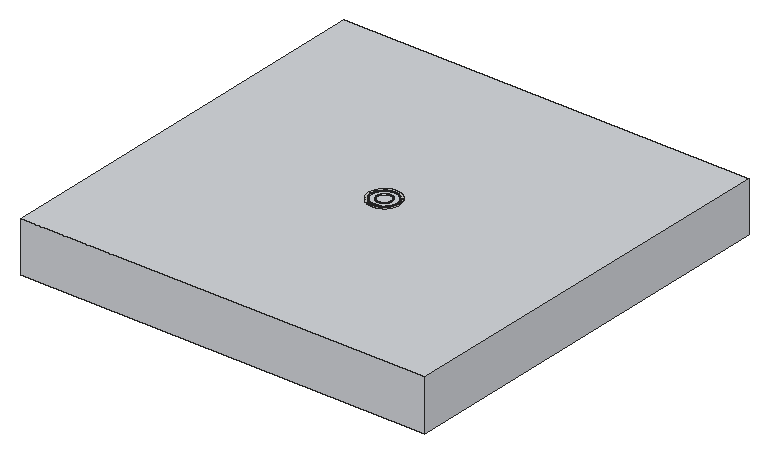
Revit family "LAMP_HANCE DOWNLIGHT RECESSED SPOT 3000_4000", category Modelos genéricos, Revit 2015
Parameters (values of type "2656LM 4000K 3000 BLACK")
  Weight = 1.36 kg
  Aro 3000/4000 = yes
  Aro 1000/2000 = no
  Type = "COB PHILIPS"
  Tilting [instance] = if(Tilt < 0.00°, 180.00°, if(Tilt > 30.00°, 210.00°, Tilt + 180.00°))  # 180.00°
  Tilt [instance] = 0.00°
  Recessed diameter = 175 mm
  Protection rating = "IP20"
  Product datasheet = "http://www.lamp.es/product-files/TECH/HD1RE30SP840NBB-EN.pdf"
  Product code = "HD1RE30SP840NBB"
  Product URL = "https://www.lamp.es/en/family/hance-downlight_196363"
  Power Supply = "220-240V 50/60Hz"
  Power = 25 W
  Plum = 27.8 W
  Photometric web file = Cuerpo Hance BASE (tilting)_SP : 2656LM 4000K 3000 BLACK
  Modelo = Product code  # "HD1RE30SP840NBB"
  Model explanation = "Availability of tilting between 0º and 30º when placed in a project."
  Material interior aro = LAMP_Aluminio Hance Negro
  Material aro = LAMP_Aluminio Hance Negro
  Manufacturer name = "LAMP"
  Manufacturer country = "Spain"
  Manufacturer URL = "http://www.lamp.es/en"
  MacAdam = "3"
  Luminaire type = "Indoor - Recessed downlight"
  Last update = "18/10/2019"
  Lamp = "COB LED"
  LED Lifetime = "50.000 L80 B10"
  Insulation class = "II"
  Installation instructions = "https://www.lamp.es/product-files/INS/1004410-B-INSTR.%20DE%20MONTAJE%20HANCE%20DOWNLIGHT.pdf"
  Initial intensity = 2656 lm
  Initial color = 4000 K
  IEE = "A+"
  Gear = "Electronic"
  Finish = "Texturised black RAL 9011"
  Fabricante = Manufacturer name  # "LAMP"
  Default Elevation = 1219.2 mm
  Efficacy = 95.54 lm/W
  Radio aro exterior = 49 mm
  Diameter = 188 mm
  Descripción = "HANCE DOWN REC 3000 NW SP BK."
  Decorative ring [instance] = Aro decorativo 3000_4000 (tilting) : Black
  Comentarios de tipo = Model explanation  # "Availability of tilting between 0º and 30º when placed in a project."
  CRI = "80"
  Altura modulos = 145 mm
Types (8, lengths in mm): name | Product datasheet | Product code | Power | Plum | Photometric web file | Modelo | Material aro | LED Lifetime | Initial intensity | Initial color | Finish | Efficacy | Descripción
  2656LM 4000K 3000 BLACK | "http://www.lamp.es/product-files/TECH/HD1RE30SP840NBB-EN.pdf" | "HD1RE30SP840NBB" | 25 W | 27.8 W | Cuerpo Hance BASE (tilting)_SP : 2656LM 4000K 3000 BLACK | "HD1RE30SP840NBB" | LAMP_Aluminio Hance Negro | "50.000 L80 B10" | 2656 lm | 4000 K | "Texturised black RAL 9011" | 95.54 lm/W | "HANCE DOWN REC 3000 NW SP BK."
  2656LM 4000K 3000 WHITE | "http://www.lamp.es/product-files/TECH/HD1RE30SP840NBW-EN.pdf" | "HD1RE30SP840NBW" | 25 W | 27.8 W | Cuerpo Hance BASE (tilting)_SP : 2656LM 4000K 3000 WHITE | "HD1RE30SP840NBW" | LAMP_Aluminio Hance Blanco | "50.000 L90 B10" | 2656 lm | 4000 K | "Texturised white RAL 9010" | 95.54 lm/W | "HANCE DOWN REC 3000 NW SP WH."
  2788LM 3000K 3000 BLACK | "http://www.lamp.es/product-files/TECH/HD1RE30SP830NBB-EN.pdf" | "HD1RE30SP830NBB" | 25 W | 28.2 W | Cuerpo Hance BASE (tilting)_SP : 2788LM 3000K 3000 BLACK | "HD1RE30SP830NBB" | LAMP_Aluminio Hance Negro | "50.000 L80 B10" | 2788 lm | 3000 K | "Texturised black RAL 9011" | 98.86 lm/W | "HANCE DOWN REC 3000 WW SP BK."
  2788LM 3000K 3000 WHITE | "http://www.lamp.es/product-files/TECH/HD1RE30SP830NBW-EN.pdf" | "HD1RE30SP830NBW" | 25 W | 28.2 W | Cuerpo Hance BASE (tilting)_SP : 2788LM 3000K 3000 WHITE | "HD1RE30SP830NBW" | LAMP_Aluminio Hance Blanco | "50.000 L80 B10" | 2788 lm | 3000 K | "Texturised white RAL 9010" | 98.86 lm/W | "HANCE DOWN REC 3000 WW SP WH."
  3518LM 4000K 4000 BLACK | "http://www.lamp.es/product-files/TECH/HD1RE40SP830NBB-EN.pdf" | "HD1RE40SP830NBB" | 34 W | 37.6 W | Cuerpo Hance BASE (tilting)_SP : 3518LM 4000K 4000 BLACK | "HD1RE40SP830NBB" | LAMP_Aluminio Hance Negro | "50.000 L80 B10" | 3518 lm | 3000 K | "Texturised black RAL 9011" | 93.55 lm/W | "HANCE DOWN REC 4000 WW SP BK."
  3518LM 4000K 4000 WHITE | "http://www.lamp.es/product-files/TECH/HD1RE40SP830NBW-EN.pdf" | "HD1RE40SP830NBW" | 34 W | 37.6 W | Cuerpo Hance BASE (tilting)_SP : 3518LM 4000K 4000 WHITE | "HD1RE40SP830NBW" | LAMP_Aluminio Hance Blanco | "50.000 L80 B10" | 3518 lm | 3000 K | "Texturised white RAL 9010" | 93.55 lm/W | "HANCE DOWN REC 4000 WW SP WH."
  3660LM 3000K 4000 BLACK | "http://www.lamp.es/product-files/TECH/HD1RE40SP840NBB-EN.pdf" | "HD1RE40SP840NBB" | 34 W | 37.6 W | Cuerpo Hance BASE (tilting)_SP : 3660LM 3000K 4000 BLACK | "HD1RE40SP840NBB" | LAMP_Aluminio Hance Negro | "50.000 L80 B10" | 3660 lm | 4000 K | "Texturised black RAL 9011" | 97.34 lm/W | "HANCE DOWN REC 4000 NW SP BK."
  3660LM 3000K 4000 WHITE | "http://www.lamp.es/product-files/TECH/HD1RE40SP840NBW-EN.pdf" | "HD1RE40SP840NBW" | 34 W | 37.6 W | Cuerpo Hance BASE (tilting)_SP : 3660LM 3000K 4000 WHITE | "HD1RE40SP840NBW" | LAMP_Aluminio Hance Blanco | "50.000 L80 B10" | 3660 lm | 4000 K | "Texturised white RAL 9010" | 97.34 lm/W | "HANCE DOWN REC 4000 NW SP WH."
Reference planes
  plane 1 "Centro (Frontal/Posterior)": y = 0
  plane 2: z = 0
  plane 3 "Centro (Izquierda/Derecha)": x = 0
Forms (mm)
  Extrusion 1, solid
    sketch origin (0, 0, 0) x (1, 0, 0) y (0, 1, 0)
      loop
        line (-1219.2, 1219.2) -> (-1219.2, -1219.2) -> (1219.2, -1219.2) -> (1219.2, 1219.2) -> (-1219.2, 1219.2)
    from 0 to -304.8
  Revolve 2, solid, material "LAMP_Aluminio Hance Negro" <- "Material aro"
    sketch origin (0, 0, 0) x (1, 0, 0) y (0, 0, 1)
      loop
        line (94, 0) -> (94, 1) -> (79.1, 1) -> (79.1, -38.896) -> (87.1, -38.896) -> (87.1, -37.896) -> (81.6, -37.896) -> (81.6, 0) -> (94, 0)
      axis (0, 1) -> (0, -38.896)
    angle from 0 to 360
  Revolve 3, solid, material "LAMP_Aluminio Hance Negro" <- "Material interior aro", visible <- "Aro 3000/4000"
    sketch origin (0, 0, 0) x (1, 0, 0) y (0, 0, 1)
      loop
        arc (74.724, -0.646) -> (74.448, -1.016) -> (74.348, -1.466) r 1.1
        arc (74.348, -1.466) -> (72.204, -17.889) -> (66.127, -33.297) r 67.535
        arc (66.127, -33.297) -> (65.772, -33.665) -> (65.28, -33.8) r 0.965
        line (65.28, -33.8) -> (0, -33.8) -> (0, -34.8) -> (65.28, -34.8)
        arc (65.28, -34.8) -> (65.772, -34.665) -> (66.127, -34.297) r 0.965
        arc (66.127, -34.297) -> (72.204, -18.889) -> (74.348, -2.466) r 67.535
        arc (74.348, -2.466) -> (74.448, -2.016) -> (74.724, -1.646) r 1.1
        arc (74.724, -1.646) -> (76.762, -0.425) -> (79.1, 0) r 6.641
        line (79.1, 0) -> (79.1, 1)
        arc (79.1, 1) -> (76.762, 0.575) -> (74.724, -0.646) r 6.641
      axis (0, 1) -> (0, -34.8)
    angle from 0 to 360
  Extrusion 4, void
    sketch origin (0, 0, 0) x (1, 0, 0) y (0, 1, 0)
      loop
        line (22.671, 46.054) -> (-22.668, 46.054)
        arc (-22.668, 46.054) -> (-69.098, -0.376) -> (-22.668, -46.807) r 46.43
        line (-22.668, -46.807) -> (22.671, -46.807)
        arc (22.671, -46.807) -> (69.102, -0.376) -> (22.671, 46.054) r 46.43
    from -196.113 to 250
Cuts and joins
  Extrusion 4 cuts Revolve 3
Text (mm)
  text "Any modification of the parameters and properties of the LAMP BIM models must be executed and validated by the LAMP technical department.\n\nPhone: +34 93 736 68 00\n\nE-mail: lamp@lamp.es\n\n\n\nLAMP reserves the right to modify the technical specifications of its products." at (39771.841, -40794.867, 40621.237), in view "Preview"
Dimensions and locks
  "Radio aro exterior": Revolve 2 sketch curve to nested 1
  aligned and locked: plane 2 to Extrusion 1
  aligned and locked: level to Extrusion 1
Automatic sketch dimensions
  Extrusion 1 sketch curve to Extrusion 1 sketch curve = 2438.4 mm  (x2)
  Revolve 3 sketch curve to plane 3 "Centro (Izquierda/Derecha)" = 0 mm
  Revolve 3 sketch curve to level = 0 mm
  Revolve 3 sketch curve to level = 1 mm
  plane 3 "Centro (Izquierda/Derecha)" to Revolve 3 sketch curve = 6.815 mm
  Revolve 3 sketch curve to Revolve 3 sketch curve = 0 mm  (x7)
  plane 3 "Centro (Izquierda/Derecha)" to Revolve 3 sketch curve = 65.28 mm
  Revolve 3 sketch curve to level = 1.474 mm
  Revolve 3 sketch curve to Revolve 3 sketch curve = 10.169 mm
  level to Revolve 3 sketch curve = 1 mm
  Revolve 3 sketch curve to Revolve 3 sketch curve = 3.651 mm
  Revolve 3 sketch curve to Revolve 3 sketch curve = 1 mm  (x4)
  Revolve 3 sketch curve to Revolve 3 sketch curve = 3.167 mm
  Revolve 3 sketch curve to Revolve 3 sketch curve = 26.195 mm
  Revolve 3 sketch curve to Revolve 3 sketch curve = 0.965 mm
  Revolve 3 sketch curve to Revolve 3 sketch curve = 0.035 mm
  plane 1 "Centro (Frontal/Posterior)" to Extrusion 4 sketch curve = 0.376 mm
  Extrusion 4 sketch curve to plane 3 "Centro (Izquierda/Derecha)" = 22.668 mm
  plane 3 "Centro (Izquierda/Derecha)" to Extrusion 4 sketch curve = 22.671 mm
  Extrusion 4 sketch curve to Extrusion 4 sketch curve = 46.43 mm
  Revolve 2 sketch curve to plane 3 "Centro (Izquierda/Derecha)" = 0 mm
  Revolve 2 sketch curve to level = 0 mm
  level to Revolve 2 sketch curve = 1 mm
  Revolve 2 sketch curve to Revolve 2 sketch curve = 14.9 mm
  Revolve 2 sketch curve to Revolve 2 sketch curve = 2.5 mm
  Revolve 2 sketch curve to Revolve 2 sketch curve = 5.5 mm
  Revolve 2 sketch curve to Revolve 2 sketch curve = 37.896 mm
  Revolve 2 sketch curve to Revolve 2 sketch curve = 1 mm
  Revolve 2 sketch curve to Revolve 2 sketch curve = 539.6 mm
  level to Revolve 2 sketch curve = 2609.058 mm
Nested families
  nested 1: "Cuerpo Hance BASE (tilting)_SP" at (45, 1.967, -44), type <- "Photometric web file", type "2656LM 4000K 3000 BLACK"
    with Tilting 180.00°
  nested 2: "Aro decorativo 3000_4000 (tilting)" at (0, 0, -68.882) x (1, 0, 0) z (0, 0, -1), type <- "Decorative ring", type "Black"
    with Tilting 180.00°
Connectors
  electrical at (-24.807, 0, -143)
    settings: on nested 1, index 1, voltage 230 V, apparent load 0 VA, apparent load phase1 0 VA, apparent load phase2 0 VA, apparent load phase3 0 VA, power factor 1, load classification "Otro", number of poles 1, system type 31, power factor state 1, is connector primary yes, connector utility no, sub classification motor no, connector description ""
Definition of nested family "Cuerpo Hance BASE (tilting)_SP"
  Parameters (values of type "710LM 4000K 1000 BLACK")
    Tilting = 90.00°
    Photometric web file = Cuerpo Hance BASE_SP : 710LM 4000K 1000 BLACK
    Longitud cuerpo = 100 mm
    Default Elevation = 1219.2 mm
  Types (17, lengths in mm): name | Photometric web file | Longitud cuerpo
    (no name) | Cuerpo Hance BASE_SP : 710LM 4000K 1000 BLACK | 100
    710LM 4000K 1000 BLACK | Cuerpo Hance BASE_SP : 710LM 4000K 1000 BLACK | 100
    710LM 4000K 1000 WHITE | Cuerpo Hance BASE_SP : 710LM 4000K 1000 WHITE | 100
    773LM 3000K 1000 BLACK | Cuerpo Hance BASE_SP : 773LM 3000K 1000 BLACK | 100
    773LM 3000K 1000 WHITE | Cuerpo Hance BASE_SP : 773LM 3000K 1000 WHITE | 100
    1644LM 4000K 2000 BLACK | Cuerpo Hance BASE_SP : 1644LM 4000K 2000 BLACK | 100
    1644LM 4000K 2000 WHITE | Cuerpo Hance BASE_SP : 1644LM 4000K 2000 WHITE | 100
    1707LM 3000K 2000 BLACK | Cuerpo Hance BASE_SP : 1707LM 3000K 2000 BLACK | 100
    1707LM 3000K 2000 WHITE | Cuerpo Hance BASE_SP : 1707LM 3000K 2000 WHITE | 100
    2656LM 4000K 3000 BLACK | Cuerpo Hance BASE_SP : 2656LM 4000K 3000 BLACK | 145
    2656LM 4000K 3000 WHITE | Cuerpo Hance BASE_SP : 2656LM 4000K 3000 WHITE | 145
    2788LM 3000K 3000 BLACK | Cuerpo Hance BASE_SP : 2788LM 3000K 3000 BLACK | 145
    2788LM 3000K 3000 WHITE | Cuerpo Hance BASE_SP : 2788LM 3000K 3000 WHITE | 145
    3518LM 4000K 4000 BLACK | Cuerpo Hance BASE_SP : 3518LM 4000K 4000 BLACK | 145
    3518LM 4000K 4000 WHITE | Cuerpo Hance BASE_SP : 3518LM 4000K 4000 WHITE | 145
    3660LM 3000K 4000 BLACK | Cuerpo Hance BASE_SP : 3660LM 3000K 4000 BLACK | 145
    3660LM 3000K 4000 WHITE | Cuerpo Hance BASE_SP : 3660LM 3000K 4000 WHITE | 145
  Reference planes
    plane 1 "Centro (Frontal/Posterior)": y = 0
    plane 2: z = 0
    plane 3 "Centro (Izquierda/Derecha)": x = 0
  Lines and regions (mm)
    reference lines
      curve 1: line (0, 0, 0) -> (200, 0, 0)
  Dimensions and locks
    "Tilting": angle plane 3 "Centro (Izquierda/Derecha)" to curve 1
    aligned and locked: level to plane 2
    aligned and locked: plane 3 "Centro (Izquierda/Derecha)" to curve 1
    aligned and locked: plane 2 to curve 1
    aligned and locked: plane 3 "Centro (Izquierda/Derecha)" to nested 1
  Nested families
    nested 1: "Cuerpo Hance BASE_SP" at (-58, -1.967, 27.875), type <- "Photometric web file", type "710LM 4000K 1000 BLACK"
  Definition of nested family "Cuerpo Hance BASE_SP"
    Parameters (values of type "710LM 4000K 1000 BLACK")
      Tilt Angle = 90.00° + Tilting  # 180.00°
      Wattage = 7.6 W
      Tilting = 90.00°
      built-in parameter 1150107 = 4000 (stored number, unit not read)
      Radio vacio posterior = Radio cuerpo - 2.2 mm  # 30.3 mm
      Radio vaciado = Radio cuerpo - 1.5 mm  # 31 mm
      Radio cuerpo = if(Longitud cuerpo = 145 mm, 45 mm, 32.5 mm)  # 32.5 mm
      built-in parameter 1150110 = 1 (stored number, unit not read)
      built-in parameter 1150109 = 1 (stored number, unit not read)
      built-in parameter 1150112 = 1 (stored number, unit not read)
      built-in parameter 1150113 = 1 (stored number, unit not read)
      built-in parameter 1114218 = 1 (stored number, unit not read)
      built-in parameter 1150137 = (empty or 0)
      built-in parameter 1150132 = 2
      Material reflector = none
      Material cuerpo = none
      Material COB = none
      Longitud cuerpo = 100 mm
      Long. origen luz = if(Longitud cuerpo = 100 mm, 20 mm, if(Longitud cuerpo = 170 mm, 55 mm, 90 mm))  # 20 mm
      L_3 = if(Ancho disipador posterior = 80.4 mm, 39.6 mm, 12 mm)  # 12 mm
      L_2 = if(Ancho disipador posterior = 80.4 mm, 36.3 mm, 22.6 mm)  # 22.6 mm
      L_1 = if(Ancho disipador posterior = 80.4 mm, 36.8 mm, 25.4 mm)  # 25.4 mm
      built-in parameter 1150105 = 56.487 (stored number, unit not read)
      built-in parameter 1150102 = (empty or 0)
      built-in parameter 1150106 = 0.56487 (stored number, unit not read)
      Lumens = 709.84 lm
      Color Filter = 16777215
      built-in parameter 1114217 = 1 (stored number, unit not read)
      built-in parameter 1150139 = (empty or 0)
      Default Elevation = 1219.2 mm
      built-in parameter 1150104 = 8.6771 (stored number, unit not read)
      Diametro aro = if(Radio cuerpo = 45 mm, 42.9 mm, 30.4 mm)  # 30.4 mm
      built-in parameter 1150115 = 1 (stored number, unit not read)
      built-in parameter 1150114 = 1 (stored number, unit not read)
      built-in parameter 1150138 = (empty or 0)
      built-in parameter 1150134 = 12
      Dimming Lamp Color Temperature Shift = (empty or 0)
      Photometric Web File = "HD1RE10SP840NBB.IES"
      Ancho vaciado reflector = if(Radio cuerpo = 45 mm, 34.4 mm, 21.9 mm)  # 21.9 mm
      Ancho reflector = if(Radio cuerpo = 45 mm, 35.4 mm, 22.9 mm)  # 22.9 mm
      Ancho disipador posterior = if(Radio cuerpo = 32.5 mm, 53 mm, 80.4 mm)  # 53 mm
      built-in parameter 1150133 = 10 (stored number, unit not read)
      Altura disipador superior = if(Radio cuerpo = 45 mm, 23.9 mm, 36.9 mm)  # 36.9 mm
      Ancho disipador superior = if(Radio cuerpo = 45 mm, 28 mm, 22.6 mm)  # 22.6 mm
    Types (16, lengths in mm): name | Wattage | built-in parameter 1150107 | Radio vacio posterior | Radio vaciado | Radio cuerpo | Longitud cuerpo | Long. origen luz | L_3 | L_2 | L_1 | built-in parameter 1150105 | built-in parameter 1150106 | Lumens | built-in parameter 1150104 | Diametro aro | built-in parameter 1150134 | Photometric Web File | Ancho vaciado reflector | Ancho reflector | Ancho disipador posterior | Altura disipador superior | Ancho disipador superior
      710LM 4000K 1000 BLACK | 7.6 W | 4000 (stored number, unit not read) | 30.3 | 31 | 32.5 | 100 | 20 | 12 | 22.6 | 25.4 | 56.487 (stored number, unit not read) | 0.56487 (stored number, unit not read) | 709.84 lm | 8.6771 (stored number, unit not read) | 30.4 | 12 | "HD1RE10SP840NBB.IES" | 21.9 | 22.9 | 53 | 36.9 | 22.6
      710LM 4000K 1000 WHITE | 7.6 W | 4000 (stored number, unit not read) | 30.3 | 31 | 32.5 | 100 | 20 | 12 | 22.6 | 25.4 | 4052.9 (stored number, unit not read) | 40.529 (stored number, unit not read) | 709.84 lm | 8.6771 (stored number, unit not read) | 30.4 | 12 | "HD1RE10SP840NBW.IES" | 21.9 | 22.9 | 53 | 36.9 | 22.6
      773LM 3000K 1000 BLACK | 7.7 W | 3000 (stored number, unit not read) | 30.3 | 31 | 32.5 | 100 | 20 | 12 | 22.6 | 25.4 | 4414.8 (stored number, unit not read) | 44.148 (stored number, unit not read) | 773.234 lm | 9.3293 (stored number, unit not read) | 30.4 | (empty or 0) | "HD1RE10SP830NBB.IES" | 21.9 | 22.9 | 53 | 36.9 | 22.6
      773LM 3000K 1000 WHITE | 7.7 W | 3000 (stored number, unit not read) | 30.3 | 31 | 32.5 | 100 | 20 | 12 | 22.6 | 25.4 | 4414.8 (stored number, unit not read) | 44.148 (stored number, unit not read) | 773.234 lm | 9.3293 (stored number, unit not read) | 30.4 | (empty or 0) | "HD1RE10SP830NBW.IES" | 21.9 | 22.9 | 53 | 36.9 | 22.6
      1644LM 4000K 2000 BLACK | 20.6 W | 4000 (stored number, unit not read) | 30.3 | 31 | 32.5 | 100 | 20 | 12 | 22.6 | 25.4 | 9386.9 (stored number, unit not read) | 93.869 (stored number, unit not read) | 1644.09 lm | 7.4146 (stored number, unit not read) | 30.4 | 12 | "HD1RE20SP840NBB.IES" | 21.9 | 22.9 | 53 | 36.9 | 22.6
      1644LM 4000K 2000 WHITE | 20.6 W | 4000 (stored number, unit not read) | 30.3 | 31 | 32.5 | 100 | 20 | 12 | 22.6 | 25.4 | 9386.9 (stored number, unit not read) | 93.869 (stored number, unit not read) | 1644.09 lm | 7.4146 (stored number, unit not read) | 30.4 | 12 | "HD1RE20SP840NBW.IES" | 21.9 | 22.9 | 53 | 36.9 | 22.6
      1707LM 3000K 2000 BLACK | 20.7 W | 3000 (stored number, unit not read) | 30.3 | 31 | 32.5 | 100 | 20 | 12 | 22.6 | 25.4 | 9500.4 (stored number, unit not read) | 95.004 (stored number, unit not read) | 1706.92 lm | 7.6608 (stored number, unit not read) | 30.4 | (empty or 0) | "HD1RE20SP830NBB.IES" | 21.9 | 22.9 | 53 | 36.9 | 22.6
      1707LM 3000K 2000 WHITE | 20.7 W | 3000 (stored number, unit not read) | 30.3 | 31 | 32.5 | 100 | 20 | 12 | 22.6 | 25.4 | 9500.4 (stored number, unit not read) | 95.004 (stored number, unit not read) | 1706.92 lm | 7.6608 (stored number, unit not read) | 30.4 | (empty or 0) | "HD1RE20SP830NBW.IES" | 21.9 | 22.9 | 53 | 36.9 | 22.6
      2656LM 4000K 3000 BLACK | 27.8 W | 4000 (stored number, unit not read) | 42.8 | 43.5 | 45 | 145 | 90 | 39.6 | 36.3 | 36.8 | 21509.2 (stored number, unit not read) | 215.09 (stored number, unit not read) | 2656.01 lm | 8.876 (stored number, unit not read) | 42.9 | 12 | "HD1RE30SP840NBB.IES" | 34.4 | 35.4 | 80.4 | 23.9 | 28
      2656LM 4000K 3000 WHITE | 27.8 W | 4000 (stored number, unit not read) | 42.8 | 43.5 | 45 | 145 | 90 | 39.6 | 36.3 | 36.8 | 21509.2 (stored number, unit not read) | 215.09 (stored number, unit not read) | 2656.01 lm | 8.876 (stored number, unit not read) | 42.9 | 12 | "HD1RE30SP840NBW.IES" | 34.4 | 35.4 | 80.4 | 23.9 | 28
      2788LM 3000K 3000 BLACK | 28.2 W | 3000 (stored number, unit not read) | 42.8 | 43.5 | 45 | 145 | 90 | 39.6 | 36.3 | 36.8 | 22576.9 (stored number, unit not read) | 225.77 (stored number, unit not read) | 2787.85 lm | 9.1844 (stored number, unit not read) | 42.9 | (empty or 0) | "HD1RE30SP830NBB.IES" | 34.4 | 35.4 | 80.4 | 23.9 | 28
      2788LM 3000K 3000 WHITE | 28.2 W | 3000 (stored number, unit not read) | 42.8 | 43.5 | 45 | 145 | 90 | 39.6 | 36.3 | 36.8 | 22576.9 (stored number, unit not read) | 225.77 (stored number, unit not read) | 2787.85 lm | 9.1844 (stored number, unit not read) | 42.9 | (empty or 0) | "HD1RE30SP830NBW.IES" | 34.4 | 35.4 | 80.4 | 23.9 | 28
      3518LM 4000K 4000 BLACK | 37.6 W | 4000 (stored number, unit not read) | 42.8 | 43.5 | 45 | 145 | 90 | 39.6 | 36.3 | 36.8 | 28485.6 (stored number, unit not read) | 284.86 (stored number, unit not read) | 3517.48 lm | 8.6911 (stored number, unit not read) | 42.9 | 12 | "HD1RE40SP830NBB.IES" | 34.4 | 35.4 | 80.4 | 23.9 | 28
      3518LM 4000K 4000 WHITE | 37.6 W | 4000 (stored number, unit not read) | 42.8 | 43.5 | 45 | 145 | 90 | 39.6 | 36.3 | 36.8 | 28485.6 (stored number, unit not read) | 284.86 (stored number, unit not read) | 3517.48 lm | 8.6911 (stored number, unit not read) | 42.9 | 12 | "HD1RE40SP830NBW.IES" | 34.4 | 35.4 | 80.4 | 23.9 | 28
      3660LM 3000K 4000 BLACK | 37.6 W | 3000 (stored number, unit not read) | 42.8 | 43.5 | 45 | 145 | 90 | 39.6 | 36.3 | 36.8 | 24069.5 (stored number, unit not read) | 240.7 (stored number, unit not read) | 3659.98 lm | 9.0432 (stored number, unit not read) | 42.9 | (empty or 0) | "HD1RE40SP840NBB.IES" | 34.4 | 35.4 | 80.4 | 23.9 | 28
      3660LM 3000K 4000 WHITE | 37.6 W | 3000 (stored number, unit not read) | 42.8 | 43.5 | 45 | 145 | 90 | 39.6 | 36.3 | 36.8 | 24069.5 (stored number, unit not read) | 240.7 (stored number, unit not read) | 3659.98 lm | 9.0432 (stored number, unit not read) | 42.9 | (empty or 0) | "HD1RE40SP840NBW.IES" | 34.4 | 35.4 | 80.4 | 23.9 | 28
    Reference planes
      plane 1 "Centro (Frontal/Posterior)": y = 0
      plane 2: z = 0
      plane 3 "Centro (Izquierda/Derecha)": x = 0
    Forms (mm)
      Extrusion 1, solid, material <- "Material cuerpo"
        sketch origin (0, 0, 0) x (0, -1, 0) y (0, 0, 1)
          loop
            circle (0, -27.875) r 32.5
        from -58 to 42
      Extrusion 2, void
        sketch origin (0, 0, 0) x (0, 1, 0) y (0, 0, 1)
          loop
            line (11.3, 30) -> (-11.3, 30) -> (-11.3, -6.9)
            arc (-11.3, -6.9) -> (0, -7.855) -> (11.3, -6.9) r 67.349
            line (11.3, -6.9) -> (11.3, 30)
        from -42 to 9.4
      Extrusion 3, void
        sketch origin (0, 0, 0) x (0, 1, 0) y (0, 0, 1)
          loop
            circle (0, -27.875) r 30.3
        from -42 to -41
      Extrusion 4, void
        sketch origin (0, 0, 0) x (0, 1, 0) y (0, 0, 1)
          loop
            line (26.5, -26.291) -> (-26.5, -26.291)
            arc (-26.5, -26.291) -> (-27.7, -27.491) -> (-26.5, -28.691) r 1.2
            line (-26.5, -28.691) -> (26.5, -28.691)
            arc (26.5, -28.691) -> (27.7, -27.491) -> (26.5, -26.291) r 1.2
          loop
            line (26.115, -30.891) -> (-26.115, -30.891)
            arc (-26.115, -30.891) -> (-27.315, -32.091) -> (-26.115, -33.291) r 1.2
            line (-26.115, -33.291) -> (26.115, -33.291)
            arc (26.115, -33.291) -> (27.315, -32.091) -> (26.115, -30.891) r 1.2
          loop
            line (25.4, -35.55) -> (-24.915, -35.55)
            arc (-24.915, -35.55) -> (-26.115, -36.75) -> (-24.915, -37.95) r 1.2
            line (-24.915, -37.95) -> (25.4, -37.95)
            arc (25.4, -37.95) -> (26.6, -36.75) -> (25.4, -35.55) r 1.2
          loop
            line (22.6, -40.091) -> (-22.64, -40.091)
            arc (-22.64, -40.091) -> (-23.84, -41.291) -> (-22.64, -42.491) r 1.2
            line (-22.64, -42.491) -> (22.6, -42.491)
            arc (22.6, -42.491) -> (23.8, -41.291) -> (22.6, -40.091) r 1.2
          loop
            line (19.043, -44.691) -> (-19.086, -44.691)
            arc (-19.086, -44.691) -> (-20.286, -45.891) -> (-19.086, -47.091) r 1.2
            line (-19.086, -47.091) -> (19.043, -47.091)
            arc (19.043, -47.091) -> (20.243, -45.891) -> (19.043, -44.691) r 1.2
          loop
            line (15.357, -49.291) -> (-15.5, -49.291)
            arc (-15.5, -49.291) -> (-16.6, -50.391) -> (-15.5, -51.491) r 1.1
            line (-15.5, -51.491) -> (15.357, -51.491)
            arc (15.357, -51.491) -> (16.457, -50.391) -> (15.357, -49.291) r 1.1
          loop
            line (6, -53.691) -> (-6, -53.691)
            arc (-6, -53.691) -> (-7.1, -54.791) -> (-6, -55.891) r 1.1
            line (-6, -55.891) -> (6, -55.891)
            arc (6, -55.891) -> (7.1, -54.791) -> (6, -53.691) r 1.1
        from -42 to -38.7
      Extrusion 5, void
        sketch origin (0, 0, 0) x (-1, 0, 0) y (0, -1, 0)
          loop
            line (37.7, -9.12) -> (37.7, 9.12)
            arc (37.7, 9.12) -> (36.6, 10.22) -> (35.5, 9.12) r 1.1
            line (35.5, 9.12) -> (35.5, -9.12)
            arc (35.5, -9.12) -> (36.6, -10.22) -> (37.7, -9.12) r 1.1
          loop
            line (28.9, -9.12) -> (28.9, 9.12)
            arc (28.9, 9.12) -> (27.8, 10.22) -> (26.7, 9.12) r 1.1
            line (26.7, 9.12) -> (26.7, -9.12)
            arc (26.7, -9.12) -> (27.8, -10.22) -> (28.9, -9.12) r 1.1
          loop
            line (20.1, -9.12) -> (20.1, 9.12)
            arc (20.1, 9.12) -> (19, 10.22) -> (17.9, 9.12) r 1.1
            line (17.9, 9.12) -> (17.9, -9.12)
            arc (17.9, -9.12) -> (19, -10.22) -> (20.1, -9.12) r 1.1
        from -51.491 to 30
      Extrusion 6, void
        sketch origin (0, 0, 0) x (-1, 0, 0) y (0, -1, 0)
          loop
            line (33.3, -9.12) -> (33.3, 9.12)
            arc (33.3, 9.12) -> (32.2, 10.22) -> (31.1, 9.12) r 1.1
            line (31.1, 9.12) -> (31.1, -9.12)
            arc (31.1, -9.12) -> (32.2, -10.22) -> (33.3, -9.12) r 1.1
          loop
            line (24.5, -9.12) -> (24.5, 9.12)
            arc (24.5, 9.12) -> (23.4, 10.22) -> (22.3, 9.12) r 1.1
            line (22.3, 9.12) -> (22.3, -9.12)
            arc (22.3, -9.12) -> (23.4, -10.22) -> (24.5, -9.12) r 1.1
        from -8.232 to 30
      Extrusion 7, void
        sketch origin (0, 0, 0) x (0, 1, 0) y (0, 0, 1)
          loop
            circle (0, -27.875) r 31
        from 17.213 to 58
      Revolve 8, solid, material <- "Material reflector"
        sketch origin (0, 0, 0) x (1, 0, 0) y (0, 0, 1)
          loop
            line (25.5, -27.875) -> (45.818, -27.875) -> (45.818, -4.975) -> (25.5, -19.875) -> (25.5, -27.875)
          axis (25.5, -27.875) -> (45.818, -27.875)
        angle from 0 to 360
      Revolve 9, void
        sketch origin (0, 0, 0) x (1, 0, 0) y (0, 0, 1)
          loop
            line (45.818, -5.975) -> (26.5, -20.142) -> (25.5, -20.142) -> (25.5, -27.875) -> (26.5, -27.875) -> (45.818, -27.875) -> (45.818, -5.975)
          axis (45.818, -27.875) -> (25.5, -27.875)
        angle from 0 to 360
      Extrusion 10, solid, material <- "Material COB"
        sketch origin (0, 0, 0) x (0, -1, 0) y (0, 0, 1)
          loop
            circle (0, -27.875) r 7.733
        from -26.5 to -25.5
    Cuts and joins
      Extrusion 2, Extrusion 3, Extrusion 4, Extrusion 5, Extrusion 6, Extrusion 7 cuts Extrusion 1
      Revolve 9 cuts Revolve 8
    Lines and regions (mm)
      reference lines
        curve 1: line (0, 0, 0) -> (178.042, 0, 0)
        curve 2: line (93, 0, -27.875) -> (113, 0, -27.875)
        curve 3: line (0, 0, 0) -> (0, 0, -75)
        curve 4: line (93, 0, -22.875) -> (93, 0, -32.875)
    Text (mm)
      text "Any modification of the parameters and properties of the LAMP BIM models must be executed and validated by the LAMP technical department.\n\nPhone: +34 93 736 68 00\n\nE-mail: lamp@lamp.es\n\n\n\nLAMP reserves the right to modify the technical specifications of its products." at (97482.136, -81600.41, 57308.082), in view "Preview"
    Dimensions and locks
      locked: Revolve 9 sketch curve to cut or joined group of Extrusion 1, Extrusion 2, Extrusion 3, Extrusion 4, Extrusion 5, Extrusion 6, Extrusion 7 at 12.182
      "Longitud cuerpo": cut or joined group of Extrusion 1, Extrusion 2, Extrusion 3, Extrusion 4, Extrusion 5, Extrusion 6, Extrusion 7 to cut or joined group of Extrusion 1, Extrusion 2, Extrusion 3, Extrusion 4, Extrusion 5, Extrusion 6, Extrusion 7
      locked: cut or joined group of Extrusion 1, Extrusion 2, Extrusion 3, Extrusion 4, Extrusion 5, Extrusion 6, Extrusion 7 to curve 3 at 42
      locked: cut or joined group of Revolve 8, Revolve 9 to cut or joined group of Extrusion 1, Extrusion 2, Extrusion 3, Extrusion 4, Extrusion 5, Extrusion 6, Extrusion 7 at 12.182
      locked: cut or joined group of Revolve 8, Revolve 9 to cut or joined group of Revolve 8, Revolve 9 at 20.318
      locked: cut or joined group of Extrusion 1, Extrusion 2, Extrusion 3, Extrusion 4, Extrusion 5, Extrusion 6, Extrusion 7 to Extrusion 10 at 31.5
      locked: Extrusion 10 to Extrusion 10 at 1
      "Long. origen luz": curve 4 to curve 2
      equal spacing: Extrusion 4 sketch curve, plane 1 "Centro (Frontal/Posterior)", Extrusion 4 sketch curve  (x2)
      "Ancho disipador posterior": Extrusion 4 sketch curve to Extrusion 4 sketch curve
      "L_1": Extrusion 4 sketch curve to plane 1 "Centro (Frontal/Posterior)"
      "L_2": Extrusion 4 sketch curve to curve 3
      "L_3": Extrusion 4 sketch curve to Extrusion 4 sketch curve
      equal spacing: Extrusion 2 sketch curve, plane 1 "Centro (Frontal/Posterior)", Extrusion 2 sketch curve
      "Ancho disipador superior": Extrusion 2 sketch curve to Extrusion 2 sketch curve
      "Altura disipador superior": Extrusion 2 sketch curve to Extrusion 2 sketch curve
      locked: plane 2 to Extrusion 2 sketch curve at 30
      "Ancho reflector": Revolve 8 sketch curve to imposter light
      "Ancho vaciado reflector": Revolve 9 sketch curve to imposter light
      "Radio cuerpo": radius of Extrusion 1 sketch curve
      "Radio vaciado": radius of Extrusion 7 sketch curve
      "Radio vacio posterior": radius of Extrusion 3 sketch curve
      "Tilting": angle plane 3 "Centro (Izquierda/Derecha)" to curve 1
      aligned and locked: level to plane 2
      aligned and locked: imposter light to curve 2  (x2)
      aligned and locked: cut or joined group of Extrusion 1, Extrusion 2, Extrusion 3, Extrusion 4, Extrusion 5, Extrusion 6, Extrusion 7 to cut or joined group of Extrusion 1, Extrusion 2, Extrusion 3, Extrusion 4, Extrusion 5, Extrusion 6, Extrusion 7
    Automatic sketch dimensions
      curve 1 to Extrusion 5 sketch curve = 17.9 mm
      Extrusion 5 sketch curve to Extrusion 5 sketch curve = 1.1 mm  (x3)
      Extrusion 5 sketch curve to Extrusion 5 sketch curve = 6.6 mm  (x2)
      Extrusion 5 sketch curve to curve 1 = 9.12 mm  (x2)
      Extrusion 5 sketch curve to Extrusion 5 sketch curve = 0 mm  (x3)
      curve 1 to Extrusion 5 sketch curve = 9.12 mm
      curve 1 to Extrusion 6 sketch curve = 22.3 mm
      Extrusion 6 sketch curve to Extrusion 6 sketch curve = 1.1 mm  (x2)
      Extrusion 6 sketch curve to Extrusion 6 sketch curve = 6.6 mm
      Extrusion 6 sketch curve to curve 1 = 9.12 mm
      Extrusion 6 sketch curve to Extrusion 6 sketch curve = 0 mm  (x2)
      curve 1 to Extrusion 6 sketch curve = 9.12 mm
      Extrusion 10 sketch curve to plane 1 "Centro (Frontal/Posterior)" = 0 mm
      Extrusion 1 sketch curve to plane 1 "Centro (Frontal/Posterior)" = 0 mm
      Extrusion 1 sketch curve to level = 27.875 mm
      Extrusion 2 sketch curve to plane 1 "Centro (Frontal/Posterior)" = 0 mm
      Extrusion 2 sketch curve to Extrusion 2 sketch curve = 29.494 mm
      Extrusion 3 sketch curve to plane 1 "Centro (Frontal/Posterior)" = 0 mm
      Extrusion 3 sketch curve to level = 27.875 mm
      Extrusion 4 sketch curve to Extrusion 4 sketch curve = 0.385 mm  (x2)
      Extrusion 4 sketch curve to Extrusion 4 sketch curve = 1.2 mm  (x6)
      Extrusion 4 sketch curve to Extrusion 4 sketch curve = 2.276 mm
      Extrusion 4 sketch curve to Extrusion 4 sketch curve = 3.554 mm
      Extrusion 4 sketch curve to Extrusion 4 sketch curve = 3.586 mm
      Extrusion 4 sketch curve to Extrusion 4 sketch curve = 9.357 mm
      Extrusion 4 sketch curve to Extrusion 4 sketch curve = 3.557 mm
      Extrusion 4 sketch curve to level = 55.891 mm
      Extrusion 4 sketch curve to Extrusion 4 sketch curve = 1.1 mm  (x2)
      Extrusion 4 sketch curve to Extrusion 4 sketch curve = 2.2 mm  (x4)
      Extrusion 4 sketch curve to Extrusion 4 sketch curve = 2.141 mm
      Extrusion 4 sketch curve to Extrusion 4 sketch curve = 2.259 mm
      Extrusion 7 sketch curve to plane 1 "Centro (Frontal/Posterior)" = 0 mm
      Extrusion 7 sketch curve to level = 27.875 mm
      curve 1 to Revolve 8 sketch curve = 25.5 mm
      Revolve 8 sketch curve to Revolve 8 sketch curve = 20.318 mm
      curve 1 to Revolve 8 sketch curve = 19.875 mm
      Revolve 8 sketch curve to Revolve 8 sketch curve = 8 mm
      Revolve 8 sketch curve to Revolve 8 sketch curve = 0 mm  (x2)
      Revolve 8 sketch curve to Revolve 8 sketch curve = 9.682 mm
      Revolve 9 sketch curve to Revolve 9 sketch curve = 19.318 mm
      Revolve 9 sketch curve to Revolve 9 sketch curve = 0 mm  (x3)
      Revolve 9 sketch curve to Revolve 9 sketch curve = 1 mm
      curve 1 to Revolve 9 sketch curve = 20.142 mm
      Revolve 9 sketch curve to Revolve 9 sketch curve = 7.733 mm
      Revolve 9 sketch curve to Revolve 9 sketch curve = 9.682 mm
      curve 1 to level = 0 mm
      curve 1 to plane 3 "Centro (Izquierda/Derecha)" = 0 mm
      curve 3 to curve 1 = 0 mm  (x2)
      curve 3 to curve 1 = 75 mm
      curve 1 to curve 4 = 32.875 mm
      curve 4 to curve 1 = 85.042 mm
      curve 4 to curve 2 = 5 mm
      curve 2 to curve 4 = 5 mm
      radius of Extrusion 10 sketch curve = 7.733 mm
Definition of nested family "Aro decorativo 3000_4000 (tilting)"
  Parameters (values of type "Black")
    Weight (3000/4000) = 0.016 kg
    Weight (1000/2000) = 0.01 kg
    Tilting = 0.00°
    Product datasheet = ""
    Product code (3000/4000) = "HSRI90C"
    Product code (1000/2000) = "HSRI65C"
    Product URL = ""
    Model = ""
    Material aro = none
    Manufacturer name = "LAMP"
    Manufacturer country = "Spain"
    Manufacturer URL = "http://www.lamp.es/en"
    Longitud = 42.5 mm
    Last update = "21/05/2018"
    Installation instructions = ""
    Finish = "Metalized matt copper"
    Manufacturer = Manufacturer name  # "LAMP"
    Default Elevation = 1219.2 mm
    Diameter (3000/4000) = 90 mm
    Diameter (1000/2000) = 65 mm
    Description = ""
    Accessory Type = "Optic"
    3000/4000 Model = "HSRI90C"
    3000/4000 Description = "HANCE 3000/4000 ACC. RING DECO CO."
    1000/2000 Model = "HSRI65C"
    1000/2000 Description = "HANCE 1000/2000 ACC. RING DECO CO."
  Types (5, lengths in mm): name | Product code (3000/4000) | Product code (1000/2000) | Finish | 3000/4000 Model | 3000/4000 Description | 1000/2000 Model | 1000/2000 Description
    (no name) | "HSRI90C" | "HSRI65C" | "Metalized matt copper" | "HSRI90C" | "HANCE 3000/4000 ACC. RING DECO CO." | "HSRI65C" | "HANCE 1000/2000 ACC. RING DECO CO."
    Black | "HSRI90C" | "HSRI65C" | "Metalized matt copper" | "HSRI90C" | "HANCE 3000/4000 ACC. RING DECO CO." | "HSRI65C" | "HANCE 1000/2000 ACC. RING DECO CO."
    Copper | "HSRI90C" | "HSRI65C" | "Metalized matt copper" | "HSRI90C" | "HANCE 3000/4000 ACC. RING DECO CO." | "HSRI65C" | "HANCE 1000/2000 ACC. RING DECO CO."
    Grey | "HSRI90M" | "HSRI65M" | "Metalized matt silver" | "HSRI90M" | "HANCE 3000/4000 ACC. RING DECO MET." | "HSRI65M" | "HANCE 1000/2000 ACC. RING DECO MET."
    White | "HSRI90W" | "HSRI65W" | "Matt White" | "HSRI90W" | "HANCE 3000/4000 ACC. RING DECO WH." | "HSRI65W" | "HANCE 1000/2000 ACC. RING DECO WH."
  Reference planes
    plane 1 "Centro (Frontal/Posterior)": y = 0
    plane 2: z = 0
    plane 3 "Centro (Izquierda/Derecha)": x = 0
  Lines and regions (mm)
    reference lines
      curve 1: line (0, 0, 0) -> (0, 0, 80.8)
    model lines
      curve 2: line (68.747, 0, 0) -> (69.9, 0, 0)
  Text (mm)
    text "Any modification of the parameters and properties of the LAMP BIM models must be executed and validated by the LAMP technical department.\n\nPhone: +34 93 736 68 00\n\nE-mail: lamp@lamp.es\n\n\n\nLAMP reserves the right to modify the technical specifications of its products." at (86527.204, -96597.187, 50741.736), in view "Preview"
  Dimensions and locks
    "Tilting": angle curve 1 to plane 3 "Centro (Izquierda/Derecha)"
    aligned and locked: level to plane 2
    aligned and locked: plane 3 "Centro (Izquierda/Derecha)" to curve 1
    aligned and locked: plane 2 to curve 1
  Automatic sketch dimensions
    curve 2 to level = 0 mm
    plane 3 "Centro (Izquierda/Derecha)" to curve 2 = 68.747 mm
    curve 2 to curve 2 = 1.153 mm
  Nested families
    nested 1: "Aro decorativo 3000_4000" at (-27.9, 0, 17.2) x (0, 0, 1) z (-1, 0, 0), type "Copper"
  Definition of nested family "Aro decorativo 3000_4000"
    Parameters (values of type "Black")
      Weight (3000/4000) = 0.016 kg
      Weight (1000/2000) = 0.01 kg
      Product datasheet = ""
      Product code (3000/4000) = "HSRI90C"
      Product code (1000/2000) = "HSRI65C"
      Product URL = ""
      Model = ""
      Material aro = none
      Manufacturer name = "LAMP"
      Manufacturer country = "Spain"
      Manufacturer URL = "http://www.lamp.es/en"
      Longitud = 42.5 mm
      Last update = "21/05/2018"
      Installation instructions = ""
      Finish = "Metalized matt copper"
      Manufacturer = Manufacturer name  # "LAMP"
      Default Elevation = 1219.2 mm
      Diametro vaciado aro interior = if(Diametro aro interior = 35.4 mm, 34.4 mm, 21.9 mm)  # 34.4 mm
      Diametro vaciado aro exterior = if(Diametro aro exterior = 42.9 mm, 41.9 mm, 29.4 mm)  # 41.9 mm
      Diametro aro interior = if(Diametro aro exterior = 42.9 mm, 35.4 mm, 22.9 mm)  # 35.4 mm
      Diametro aro exterior = if(Longitud = 42.5 mm, 42.9 mm, 30.4 mm)  # 42.9 mm
      Diameter (3000/4000) = 90 mm
      Diameter (1000/2000) = 65 mm
      Description = ""
      Accessory Type = "Optic"
      3000/4000 Model = "HSRI90C"
      3000/4000 Description = "HANCE 3000/4000 ACC. RING DECO CO."
      1000/2000 Description = "HANCE 1000/2000 ACC. RING DECO CO."
      1000/2000 Model = "HSRI65C"
    Types (4, lengths in mm): name | Manufacturer URL
      Black | "http://www.lamp.es/en"
      Copper | "http://www.lamp.es/en"
      Grey | "http://www.lamp.es/en"
      White | ""
    Reference planes
      plane 1 "Centro (Frontal/Posterior)": y = 0
      plane 2: z = 0
      plane 3 "Centro (Izquierda/Derecha)": x = 0
    Forms (mm)
      Revolve 1, solid, material <- "Material aro"
        sketch origin (0, 0, -27.9) x (1, 0, 0) y (0, 0, 1)
          loop
            line (42.5, 0) -> (52.682, 0) -> (52.682, 42.9) -> (42.5, 35.4) -> (42.5, 0)
          axis (52.682, 0) -> (42.5, 0)
        angle from 0 to 360
      Revolve 2, void
        sketch origin (0, 0, -27.9) x (1, 0, 0) y (0, 0, 1)
          loop
            line (52.682, 41.9) -> (42.5, 34.4) -> (42.5, 0) -> (52.682, 0) -> (52.682, 41.9)
          axis (42.5, 0) -> (52.682, 0)
        angle from 0 to 360
    Cuts and joins
      Revolve 2 cuts Revolve 1
    Lines and regions (mm)
      reference lines
        curve 1: line (0, 0, -27.9) -> (42.5, 0, -27.9)
    Text (mm)
      text "Any modification of the parameters and properties of the LAMP BIM models must be executed and validated by the LAMP technical department.\n\nPhone: +34 93 736 68 00\n\nE-mail: lamp@lamp.es\n\n\n\nLAMP reserves the right to modify the technical specifications of its products." at (91886.357, -93022.329, 47898.266), in view "Preview"
    Dimensions and locks
      "Diametro aro exterior": Revolve 1 sketch curve to Revolve 1 sketch curve
      "Diametro vaciado aro exterior": Revolve 2 sketch curve to Revolve 2 sketch curve
      "Longitud": curve 1 to plane 3 "Centro (Izquierda/Derecha)"
      "Diametro aro interior": Revolve 1 sketch curve to Revolve 1 sketch curve
      "Diametro vaciado aro interior": Revolve 2 sketch curve to Revolve 2 sketch curve
      aligned and locked: level to plane 2
    Automatic sketch dimensions
      Revolve 1 sketch curve to curve 1 = 0 mm  (x4)
      curve 1 to Revolve 1 sketch curve = 10.182 mm
      Revolve 1 sketch curve to Revolve 1 sketch curve = 0 mm
      Revolve 2 sketch curve to curve 1 = 0 mm  (x3)
      curve 1 to Revolve 2 sketch curve = 10.182 mm
      Revolve 2 sketch curve to curve 1 = 1261.008 mm
      Revolve 2 sketch curve to Revolve 2 sketch curve = 1898.983 mm
      curve 1 to plane 3 "Centro (Izquierda/Derecha)" = 0 mm
      curve 1 to level = 27.9 mm
